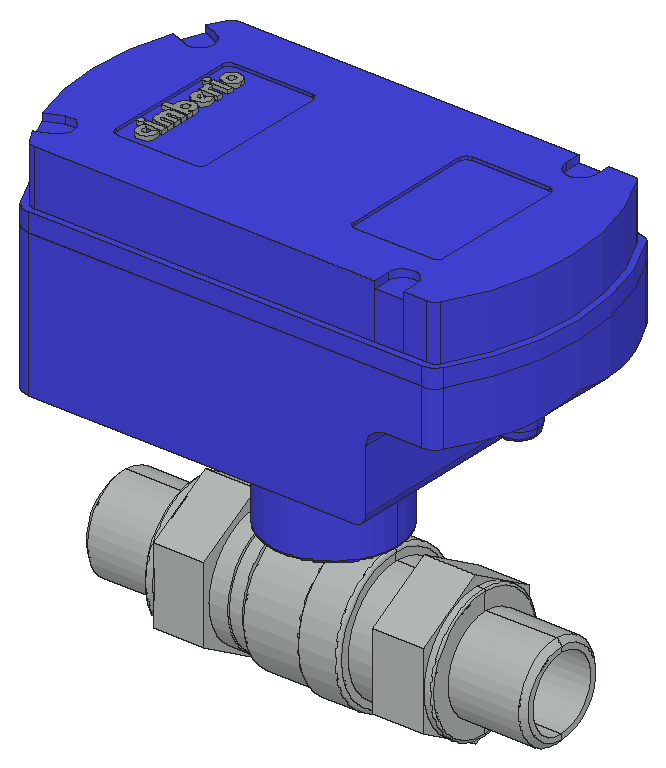
Revit family "QD29500000", category Apparecchi idraulici, Revit 2020
Family settings
  Quota connettore circolare = Usa diametro
  Tipo di parte = Normale
  Numero OmniClass = 23.45.00.00
  Titolo OmniClass = Sanitary, Laundry, and Cleaning Equipment
  Basato su piano di lavoro = No
  Sempre verticale = Sì
  Taglio con vuoti quando caricato = No
  Condiviso = No
  Punto di calcolo locali = No
Parameters
  URL = "https://web.cimberio.it/index.php/figura/577?subcategoria_id=74926"
  Temperatura di esercizio = "-20 ÷ 150°C"
  Prospetto di default = 0 mm
  Produttore = "CIMBERIO SPA"
  Pressione nominale = "PN 25"
  Modello = "Cim 600RE"
  Materiale = "Prodotto in lega di ottone conforme alla norma EN 12165-CW617N-DW"
  Descrizione = "Utilizzato nei più svariati settori dell'impiantistica: impianti di riscaldamento, condizionamento, idrici, igienico-sanitari, aria compressa e in generale con ogni fluido non corrosivo.\r\nParticolarmente indicato come valvola di zona per la regolazione e contabilizzazione di impianti di riscaldamento singoli o a zone, impianti con utilizzazione di energie alternative, impianti con fluidi caldi o freddi e impianti di automazione in genere"
  DN Model [instance] = QD29501020 : QD29501020
  DN [instance] = 20 mm
  Commenti sul tipo = "Realizzato in ottemperanza ai requisiti gestionali della norma EN ISO 9001.\r\nCollaudato al 100% secondo la normativa EN 12266-1"
Reference planes
  plane 1 "Centro (Fronte/Retro)": y = 0
  plane 2: z = 0
  plane 3 "Centro (Sinistra/Destra)": x = 0
Dimensions and locks
  aligned and locked: level to plane 2
Nested families
  nested 1: "QD29501020" at (0, 0, 0), type <- "DN Model", type "QD29501020"
  nested 2: "QD29501020" at (0, 0, 0), type <- "DN Model", type "QD29501020"
  nested 3: "QD29501020" at (0, 0, 0), type <- "DN Model", type "QD29501020"
Connectors
  piping at (60.45, 0, 0), diameter 20, driven by "DN"
    settings: on nested 1, index 1, connector inside diameter 609.6 mm, connector length 0 mm, flow factor 0, pipe flow 0.0 L/s, pressure drop 0.0 Pa, fitting loss kfactor 0, connector angle 0.00°, fixture units 0, engagement length 0 mm, angle of deflection 0.00°, flow configuration 0, flow direction 0, fitting loss method 0, system type 7, joint type 0, gender type 0, connector reference index -1, connector utility 0, adjustable connector no, is connector primary yes, connector description ""
  piping at (-60.45, 0, 0), diameter 20, driven by "DN"
    settings: on nested 1, index 2, connector inside diameter 609.6 mm, connector length 0 mm, flow factor 0, pipe flow 0.0 L/s, pressure drop 0.0 Pa, fitting loss kfactor 0, connector angle 0.00°, fixture units 0, engagement length 0 mm, angle of deflection 0.00°, flow configuration 0, flow direction 0, fitting loss method 0, system type 7, joint type 0, gender type 0, connector reference index -1, connector utility 0, adjustable connector no, is connector primary no, connector description ""
Definition of nested family "QD29501020"
  Parameters (values of type "QD29501020")
    URL = "https://web.cimberio.it/index.php/figura/394?subcategoria_id="
    Temperatura di esercizio = "-10 ÷ 95°C"
    Default Elevation = 0 mm
    Manufacturer = "CIMBERIO SPA"
    Pressione nominale = "PN 16"
    Model = "Cim 32"
    Materiale = "Prodotto in lega di ottone conforme alla norma EN 12165-CW617N-DW"
    Description = "Impiegato nei più svariati settori dell'impiantistica in condutture anti-ritorno per: reti di distribuzione acqua potabile, impianti di riscaldamento, condizionamento, igienico-sanitari e in generale con ogni fluido non corrosivo."
    DN [instance] = 50 mm
    Type Comments = "Realizzato in ottemperanza ai requisiti gestionali della norma EN ISO 9001.\r\nCollaudato al 100% secondo la normativa EN 12266-1"
  Reference planes
    plane 1 "Centro (Fronte/Retro)": y = 0
    plane 2: z = 0
    plane 3 "Centro (Sinistra/Destra)": x = 0
  Forms (mm)
    Revolve 1, solid
      sketch origin (0, 0, 0) x (1, 0, 0) y (0, 0, 1)
        loop
          line (-11.8, -18.5) -> (2.95, -18.5) -> (3.95, -19.5) -> (14.05, -19.5)
          arc (14.05, -19.5) -> (14.757, -19.207) -> (15.05, -18.5) r 1
          line (15.05, -18.5) -> (15.05, -10) -> (-17.928, -10) -> (-17.928, -16.25) -> (-14.05, -16.25) -> (-11.8, -18.5)
        axis (-17.928, 0) -> (15.05, 0)
      angle from 0 to 360
    Revolve 2, solid
      sketch origin (0, 0, 0) x (1, 0, 0) y (0, 0, 1)
        loop
          line (-17.707, 16.575) -> (-23.021, 16.575) -> (-23.021, 10) -> (-17.707, 10) -> (-17.707, 16.575)
        axis (-23.021, 0) -> (-17.707, 0)
      angle from 0 to 360
    Extrusion 3, solid
      sketch origin (0, 0, 0) x (0, 1, 0) y (0, 0, 1)
        loop
          circle (0, 0) r 10
        loop
          line (0, 20.75) -> (-17.97, 10.375) -> (-17.97, -10.375) -> (0, -20.75) -> (17.97, -10.375) -> (17.97, 10.375) -> (0, 20.75)
      from -36.95 to -23.021
    Revolve 4, solid
      sketch origin (12.65, 0, 0) x (1, 0, 0) y (0, 0, 1)
        loop
          arc (-51.601, 18) -> (-51.954, 17.853) -> (-52.1, 17.499) r 0.5
          line (-52.1, 17.499) -> (-52.1, 10) -> (-49.6, 10) -> (-49.6, 18) -> (-51.601, 18)
        axis (-52.1, 0) -> (-49.6, 0)
      angle from 0 to 360
    Revolve 5, solid
      sketch origin (12.65, 0, 0) x (1, 0, 0) y (0, 0, 1)
        loop
          line (-51.6, 12.9) -> (-71.6, 12.9) -> (-73.1, 11.4) -> (-73.1, 10) -> (-51.6, 10) -> (-51.6, 12.9)
        axis (-73.1, 0) -> (-51.6, 0)
      angle from 0 to 360
    Revolve 6, solid
      sketch origin (0, 0, 0) x (1, 0, 0) y (0, 0, 1)
        loop
          line (7.331, 37.805) -> (0, 37.805) -> (0, 13.864) -> (7.331, 13.864) -> (7.331, 37.805)
        axis (0, 37.805) -> (0, 13.864)
      angle from 0 to 360
    Extrusion 7, solid
      sketch origin (0, 0, 0) x (1, 0, 0) y (0, 0, 1)
        loop
          line (-11.431, 34.091) -> (-11.431, 13.864) -> (-6.253, 13.864) -> (-6.253, 34.091) -> (-11.431, 34.091)
      from -0.812 to 0.713
    Revolve 8, solid
      sketch origin (-2.097, 0, -3.5) x (1, 0, 0) y (0, 0, 1)
        loop
          line (0, 51.8) -> (0, 36.671) -> (3.652, 36.671) -> (3.652, 23.3) -> (16.983, 23.3)
          arc (16.983, 23.3) -> (17.427, 23.419) -> (17.69, 23.796) r 0.672
          line (17.69, 23.796) -> (17.955, 46.8) -> (19, 46.8)
          arc (19, 46.8) -> (19.707, 47.093) -> (20, 47.8) r 1
          line (20, 47.8) -> (20, 51.8) -> (0, 51.8)
        axis (0, 51.8) -> (0, 23.3)
      angle from 0 to 360
    Extrusion 9, solid
      sketch origin (-2.097, 0, -3.5) x (1, 0, 0) y (0, 1, 0)
        loop
          arc (-53.687, 37) -> (-56.156, 36.347) -> (-57.982, 34.56) r 5
          arc (-57.982, 34.56) -> (-67.5, 0) -> (-57.982, -34.56) r 67.5
          arc (-57.982, -34.56) -> (-56.156, -36.347) -> (-53.687, -37) r 5
          line (-53.687, -37) -> (53.687, -37)
          arc (53.687, -37) -> (56.156, -36.347) -> (57.982, -34.56) r 5
          arc (57.982, -34.56) -> (67.5, 0) -> (57.982, 34.56) r 67.5
          arc (57.982, 34.56) -> (56.156, 36.347) -> (53.687, 37) r 5
          line (53.687, 37) -> (-53.687, 37)
      from 51.8 to 91.8
    Extrusion 10, solid
      sketch origin (-2.097, 0, 36.5) x (1, 0, 0) y (0, 1, 0)
        loop
          arc (-53.687, 37) -> (-56.156, 36.347) -> (-57.982, 34.56) r 5
          arc (-57.982, 34.56) -> (-67.5, 0) -> (-57.982, -34.56) r 67.5
          arc (-57.982, -34.56) -> (-56.156, -36.347) -> (-53.687, -37) r 5
          line (-53.687, -37) -> (53.687, -37)
          arc (53.687, -37) -> (56.156, -36.347) -> (57.982, -34.56) r 5
          arc (57.982, -34.56) -> (67.5, 0) -> (57.982, 34.56) r 67.5
          arc (57.982, 34.56) -> (56.156, 36.347) -> (53.687, 37) r 5
          line (53.687, 37) -> (-53.687, 37)
      from 51.8 to 56.8
    Extrusion 11, solid
      sketch origin (-2.097, 0, -3.5) x (1, 0, 0) y (0, 1, 0)
        loop
          arc (-53.687, 35) -> (-55.168, 34.608) -> (-56.264, 33.536) r 3
          arc (-56.264, 33.536) -> (-57.395, 31.561) -> (-58.457, 29.547) r 65.5
          arc (-58.457, 29.547) -> (-60.152, 25.922) -> (-61.623, 22.2) r 65.5
          arc (-61.623, 22.2) -> (-65.5, 0) -> (-61.623, -22.2) r 65.5
          arc (-61.623, -22.2) -> (-60.152, -25.922) -> (-58.457, -29.547) r 65.5
          arc (-58.457, -29.547) -> (-57.395, -31.561) -> (-56.264, -33.536) r 65.5
          arc (-56.264, -33.536) -> (-55.168, -34.608) -> (-53.687, -35) r 3
          line (-53.687, -35) -> (39.293, -35) -> (47.293, -35) -> (53.687, -35)
          arc (53.687, -35) -> (55.168, -34.608) -> (56.264, -33.536) r 3
          arc (56.264, -33.536) -> (65.5, 0) -> (56.264, 33.536) r 65.5
          arc (56.264, 33.536) -> (55.168, 34.608) -> (53.687, 35) r 3
          line (53.687, 35) -> (47.293, 35) -> (39.293, 35) -> (-53.687, 35)
      from 96.8 to 111.8
    Extrusion 12, void
      sketch origin (-2.097, 0, -3.5) x (1, 0, 0) y (0, 1, 0)
        loop
          arc (-57.295, 20.329) -> (-52.036, 22.412) -> (-54.12, 27.671) r 4
          line (-54.12, 27.671) -> (-59.289, 29.907) -> (-62.465, 22.564) -> (-57.295, 20.329)
        loop
          arc (-54.12, -27.671) -> (-52.036, -22.412) -> (-57.295, -20.329) r 4
          line (-57.295, -20.329) -> (-62.083, -22.399) -> (-58.908, -29.742) -> (-54.12, -27.671)
        loop
          arc (39.293, 30.5) -> (43.293, 26.5) -> (47.293, 30.5) r 4
          line (47.293, 30.5) -> (47.293, 35.946) -> (39.293, 35.946) -> (39.293, 30.5)
        loop
          line (39.293, -30.43) -> (39.293, -35) -> (47.293, -35) -> (47.293, -30.5)
          arc (47.293, -30.5) -> (43.293, -26.5) -> (39.293, -30.5) r 4
      from 109.8 to 117.274
    Extrusion 13, void
      sketch origin (-2.097, 0, -3.5) x (1, 0, 0) y (0, 1, 0)
        loop
          line (-21.999, 20) -> (-43.001, 20)
          arc (-43.001, 20) -> (-44.415, 19.414) -> (-45, 18) r 2
          line (-45, 18) -> (-45, -18)
          arc (-45, -18) -> (-44.414, -19.415) -> (-42.999, -20) r 2
          line (-42.999, -20) -> (-21.999, -20)
          arc (-21.999, -20) -> (-20.585, -19.414) -> (-20, -18) r 2
          line (-20, -18) -> (-20, 18)
          arc (-20, 18) -> (-20.585, 19.414) -> (-21.999, 20) r 2
        loop
          arc (22.001, 20) -> (20.586, 19.415) -> (20, 18) r 2
          line (20, 18) -> (20, -18)
          arc (20, -18) -> (20.586, -19.415) -> (22.001, -20) r 2
          line (22.001, -20) -> (43.001, -20)
          arc (43.001, -20) -> (44.415, -19.414) -> (45, -18) r 2
          line (45, -18) -> (45, 18)
          arc (45, 18) -> (44.415, 19.414) -> (43.001, 20) r 2
          line (43.001, 20) -> (22.001, 20)
      from 111.039 to 121
    Extrusion 14, solid
      sketch origin (-2.097, 0, 107.539) x (1, 0, 0) y (0, 1, 0)
        loop
          arc (-41.222, -13.089) -> (-39.283, -17.248) -> (-37.344, -13.089) r 2.531
          line (-37.344, -13.089) -> (-38.507, -14.066)
          arc (-38.507, -14.066) -> (-39.283, -15.729) -> (-40.058, -14.066) r 1.013
          line (-40.058, -14.066) -> (-41.222, -13.089)
        loop
          line (-36.751, -12.583) -> (-36.751, -11.064) -> (-41.814, -11.064) -> (-41.814, -12.583) -> (-36.751, -12.583)
        loop
          circle (-43.08, -11.824) r 0.861
        loop
          line (-36.751, -9.039) -> (-39.89, -9.039)
          arc (-39.89, -9.039) -> (-40.295, -8.634) -> (-39.89, -8.229) r 0.405
          line (-39.89, -8.229) -> (-36.751, -8.229) -> (-36.751, -6.711) -> (-39.89, -6.711)
          arc (-39.89, -6.711) -> (-40.295, -6.306) -> (-39.89, -5.901) r 0.405
          line (-39.89, -5.901) -> (-36.751, -5.901) -> (-36.751, -4.382) -> (-39.89, -4.382)
          arc (-39.89, -4.382) -> (-41.614, -5.451) -> (-41.422, -7.47) r 1.924
          arc (-41.422, -7.47) -> (-41.614, -9.489) -> (-39.89, -10.558) r 1.924
          line (-39.89, -10.558) -> (-36.751, -10.558) -> (-36.751, -9.039)
        loop
          line (-43.839, -3.876) -> (-36.751, -3.876) -> (-36.751, -2.357) -> (-37.544, -2.357) -> (-36.841, -2.013)
          arc (-36.841, -2.013) -> (-39.465, 1.18) -> (-41.603, -2.357) r 2.531
          line (-41.603, -2.357) -> (-43.839, -2.357) -> (-43.839, -3.876)
        loop
          circle (-39.283, -1.344) r 1.012
        loop
          arc (-41.013, 6.072) -> (-39.435, 1.698) -> (-37.344, 5.851) r 2.531
          line (-37.344, 5.851) -> (-38.507, 4.875)
          arc (-38.507, 4.875) -> (-38.282, 4.378) -> (-38.348, 3.836) r 1.013
          line (-38.348, 3.836) -> (-41.013, 6.072)
        loop
          line (-38.738, 3.371) -> (-40.218, 4.612)
          arc (-40.218, 4.612) -> (-39.934, 3.449) -> (-38.738, 3.371) r 1.013
        loop
          line (-36.751, 6.358) -> (-36.751, 7.876) -> (-40.426, 7.876)
          arc (-40.426, 7.876) -> (-41.131, 9.395) -> (-41.814, 7.867) r 0.92
          line (-41.814, 7.867) -> (-41.814, 6.358) -> (-36.751, 6.358)
        loop
          line (-36.751, 9.901) -> (-36.751, 11.42) -> (-41.814, 11.42) -> (-41.814, 9.901) -> (-36.751, 9.901)
        loop
          circle (-43.08, 10.661) r 0.861
        loop
          circle (-39.283, 14.458) r 2.531
        loop
          circle (-39.283, 14.458) r 1.012
      from 0 to 1
    Revolve 15, solid
      sketch origin (0, 0, 0) x (-1, 0, 0) y (0, 0, 1)
        loop
          line (-15.067, 16.575) -> (-23.021, 16.575) -> (-23.021, 10) -> (-15.067, 10) -> (-15.067, 16.575)
        axis (-23.021, 0) -> (-15.067, 0)
      angle from 0 to 360
    Extrusion 16, solid
      sketch origin (0, 0, 0) x (0, 1, 0) y (0, 0, -1)
        loop
          circle (0, 0) r 10
        loop
          line (0, -20.75) -> (17.97, -10.375) -> (17.97, 10.375) -> (0, 20.75) -> (-17.97, 10.375) -> (-17.97, -10.375) -> (0, -20.75)
      from -36.95 to -23.021
    Revolve 17, solid
      sketch origin (-12.65, 0, 0) x (-1, 0, 0) y (0, 0, -1)
        loop
          line (-51.601, -18) -> (-49.6, -18) -> (-49.6, -10) -> (-52.1, -10) -> (-52.1, -17.499)
          arc (-52.1, -17.499) -> (-51.954, -17.853) -> (-51.601, -18) r 0.5
        axis (-52.1, 0) -> (-49.6, 0)
      angle from 0 to 360
    Revolve 18, solid
      sketch origin (-12.65, 0, 0) x (-1, 0, 0) y (0, 0, -1)
        loop
          line (-51.6, -12.9) -> (-51.6, -10) -> (-73.1, -10) -> (-73.1, -11.4) -> (-71.6, -12.9) -> (-51.6, -12.9)
        axis (-73.1, 0) -> (-51.6, 0)
      angle from 0 to 360
    Extrusion 19, void
      sketch origin (51.589, -37, -3.5) x (1, 0, 0) y (0, 0, -1)
        loop
          arc (10.861, -76.8) -> (12.982, -77.679) -> (13.861, -79.8) r 3
          line (13.861, -79.8) -> (18.861, -79.8) -> (18.861, -47.437) -> (-18.139, -47.437) -> (-18.139, -51.8)
          arc (-18.139, -51.8) -> (-16.018, -52.679) -> (-15.139, -54.8) r 3
          line (-15.139, -54.8) -> (-15.139, -71.8)
          arc (-15.139, -71.8) -> (-13.673, -75.338) -> (-10.133, -76.8) r 5
          line (-10.133, -76.8) -> (10.861, -76.8)
      from -27.232 to 98.451
    Revolve 20, solid
      sketch origin (51.589, 0, -3.5) x (-1, 0, 0) y (0, 0, -1)
        loop
          line (-2.306, -66.221) -> (-2.861, -76.8) -> (3.139, -76.8) -> (3.139, -63.8) -> (-1.381, -63.8)
          arc (-1.381, -63.8) -> (-1.763, -63.939) -> (-1.966, -64.291) r 0.594
          line (-1.966, -64.291) -> (-2.306, -66.221)
        axis (3.139, -63.8) -> (3.139, -76.8)
      angle from 0 to 360
  Cuts and joins
    Extrusion 12, Extrusion 19 cuts Extrusion 9
    Extrusion 12 cuts Extrusion 10
    Extrusion 12, Extrusion 13 cuts Extrusion 11
  Dimensions and locks
    aligned and locked: level to plane 2
